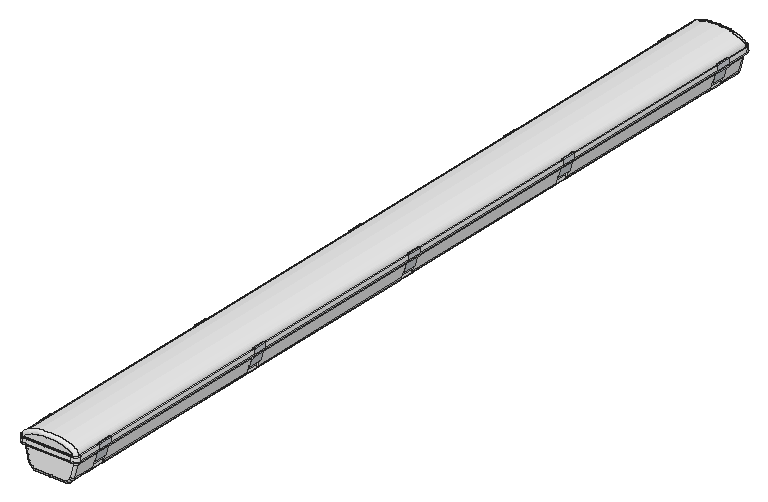
Revit family "0048728 Sylvania Lighting Fixture SYLPRF SUP LED G3 1500MM T 4K D E3", category Lighting Fixtures, host Face, Revit 2016
Family settings
  Host = Face
  Part Type = Normal
  Round Connector Dimension = Use Diameter
  OmniClass Number = 23.80.70.11.14
  OmniClass Title = General Luminaries, Directional
  Cut with Voids When Loaded = No
  Light Source = Yes
  Shared = No
  Room Calculation Point = No
Parameters (values of type "0048728 SYLPRF SUP LED G3 1500MM T 4K D E3")
  Width = 110 mm
  Weight = "kg"
  Wattage Comments = "n/a"
  Wattage = 49 W
  WarrantyStartDate [instance] = "n/a"
  WarrantyGuarantorParts = "n/a"
  WarrantyDurationUnit = "n/a"
  WarrantyDurationParts = "n/a"
  WarrantyDescription = "n/a"
  built-in parameter 1150110 = 1 (stored number, unit not read)
  Voltage = 230 V
  URL = "http://www.sylvania-lighting.com"
  TypeName = "SYLPRF SUP LED G3 1500MM T 4K D E3"
  Type Image = <None>
  Type Comments = "n/a"
  built-in parameter 1114217 = 1 (stored number, unit not read)
  Tilt Angle = -90.00°
  built-in parameter 1150109 = 1 (stored number, unit not read)
  built-in parameter 1150134 = 12
  built-in parameter 1150113 = 1 (stored number, unit not read)
  SerialNumber [instance] = "n/a"
  ReflectorMaterial = none
  PowerFactor = 0
  PowerConsumption = "49 W"
  Photometric Web File = "0048728.ies"
  NominalWidth = 0 mm
  NominalLength = 1578 mm
  NominalHeight = 78 mm
  Name = "SYLPRF SUP LED G3 1500MM T 4K D E3"
  ModelReference = "SYLPRF SUP LED G3 1500MM T 4K D E3"
  ModelNumber = "0048728"
  Model = "SYLPRF SUP LED G3 1500MM T 4K D E3"
  Material = "polycarbonate housing, polycarbonate diffuser"
  ManufacturerName = "Feilo Sylvania"
  Manufacturer = "Feilo Sylvania"
  LuminousEfficacy = "135 lm/W"
  built-in parameter 1150105 = 526.4 (stored number, unit not read)
  Lumens = 6615 lm
  LuminaireType = ""
  built-in parameter 1150115 = 1 (stored number, unit not read)
  LightOutputRatio = "n/a"
  built-in parameter 1150137 = (empty or 0)
  built-in parameter 1150139 = (empty or 0)
  Length = 1572 mm
  LampsType = Lamp  # "LED"
  LampNominalLuminous = "6700 lm"
  LampMacAdamStep = "3"
  LampColourTemperature = "4000 K"
  LampColourRenderingIndex = "80"
  built-in parameter 1150112 = 1 (stored number, unit not read)
  built-in parameter 1150114 = 1 (stored number, unit not read)
  Lamp = "LED"
  Keynote = "16500"
  InstallationDate [instance] = "n/a"
  InputVoltage = "220-240V~"
  InputNominalFrequency = "DC/50/60 Hz"
  built-in parameter 1150132 = (empty or 0)
  built-in parameter 1150102 = (empty or 0)
  built-in parameter 1150107 = 4000 (stored number, unit not read)
  built-in parameter 1150138 = (empty or 0)
  IngressProtection = "IP65"
  ImpactProtectionIndex = "IK08"
  built-in parameter 1150106 = 5.264 (stored number, unit not read)
  IfcExportType = "IfcLightFixtureType"
  IfcExportAs = "IfcLightFixtureType"
  ExpectedLife = 50000
  Emit from Rectangle Width = Width - 20 mm  # 90 mm
  Emit from Rectangle Length = Length - 20 mm  # 1552 mm
  Emit Shape Visible in Rendering = no
  ElectricShockClassification = "Class I"
  built-in parameter 1150104 = 12.542 (stored number, unit not read)
  DurationUnit = "hours"
  DocumentationLiterature = "http://www.sylvania-lighting.com/product/en-int/products/0048728"
  DimmingControlOptions = "Dimmable"
  Dimming Lamp Color Temperature Shift = <None>
  DiffuserMaterial = Diffuser-Sylvania-Transparent
  Description = "Sylproof Superia, integrated LED weatherproof luminaire, with UV stabilized flat diffuser and linear prisms designed to achieve uniform lit appearance, optimise light output and to reduce glare, stainless steel diffuser clips and fixing brackets for surface and wall mounting. L 1578 mm x W 110 mm x H 78 mm size, Polycarbonate housing, Polycarbonate diffuser, DALI dimmable, 3 hour emergency, 4000K, CRI80,  6700 lm, 49 W, 135 lm/W, nominal average life (h):50000, energy class: A++ A+ A Class I,IK08, IP65."
  Default Elevation = 1219.2 mm
  CreatedOn = "3/27/2018"
  CreatedBy = "aron.fodor@feilosylvania.com"
  Cost = 0
  Color Filter = 16777215
  built-in parameter 1114216 [instance] = (empty or 0)
  ClassificationValue = "EF_70_80"
  ClassificationName = "Uniclass2015"
  BodyMaterial = Body-Sylvania-Gray
  BarCode [instance] = "n/a"
  built-in parameter 1114218 = 1 (stored number, unit not read)
  built-in parameter 1150133 = 10 (stored number, unit not read)
  AssetType = "Fixed"
  AssetIdentifier [instance] = "n/a"
  Assembly Code = "D5020200"
  Apparent Load = 49 VA
  AccessoryMaterial = Diffuser-Sylvania-Glow
Types (2, lengths in mm): name | Wattage | PowerConsumption | Photometric Web File | built-in parameter 1150105 | Lumens | LampNominalLuminous | built-in parameter 1150106 | Apparent Load
  0048728 SYLPRF SUP LED G3 1500MM T 4K D E3 | 49 W | "49 W" | "0048728.ies" | 526.4 (stored number, unit not read) | 6615 lm | "6700 lm" | 5.264 (stored number, unit not read) | 49 VA
  0048728 SYLPRF SUP LED G3 1500MM T 4K D E3 Emergency mode | 1.51852 W | "1.51 W" | "0048728EM.ies" | 16.313 (stored number, unit not read) | 205 lm | "205 lm" | 0.16313 (stored number, unit not read) | 1.51852 VA
Reference planes
  plane 1 "Center (Front/Back)": y = 0
  plane 2: z = 0
  plane 3 "Center (Left/Right)": x = 0
  plane 4: z = 54
  plane 5: x = -27.7
  plane 6: x = -34.8
  plane 7: x = -39.6
  plane 8: x = -42.2
  plane 9: z = 3
  plane 10: z = 7.8
  plane 11: z = 12.3
  plane 12: z = 36.6
  plane 13: z = 42.8
  plane 14: x = -51.1
  plane 15: z = 46.2
  plane 16: x = -55
  plane 17: y = 786
  plane 18: y = -786
  plane 19: x = 27.7
  plane 20: x = 34.8
  plane 21: x = 39.6
  plane 22: x = 42.2
  plane 23: x = 51.1
  plane 24: x = 55
  plane 25: y = 778.4
  plane 26: y = -778.4
  plane 27: y = -774.7
  plane 28: y = 774.7
  plane 29: z = 74
  plane 30: x = -51.5
  plane 31: x = 51.5
  plane 32: z = 55.2
  plane 33: y = -782.5
  plane 34: y = 782.5
  plane 35: x = -37.5
  plane 36: x = 37.5
  plane 37: x = -48.7
  plane 38: x = 48.7
  plane 39: x = 18
  plane 40: x = -18
  plane 41: z = 50.2
  plane 42: z = 24.6
  plane 43: y = 720
  plane 44: y = 706
  plane 45: y = 734
  plane 46: y = -720
  plane 47: y = 720
  plane 48: y = 706
  plane 49: y = 734
  plane 50: y = -720
  plane 51: y = -734
  plane 52: y = -706
  plane 53: y = 360
  plane 54: y = 346
  plane 55: y = 374
  plane 56: y = 0
  plane 57: y = -14
  plane 58: y = 14
  plane 59: y = -360
  plane 60: y = -374
  plane 61: y = -346
Forms (mm)
  Sweep 1, solid, material "Body-Sylvania-Gray" <- "BodyMaterial", detail levels medium+fine
    path origin (1223.4, -4572, 54) x (0, -1, 0) y (1, 0, 0)
      loop
        arc (-3796, -1278.4) -> (-3788.929, -1275.471) -> (-3786, -1268.4) r 10
        line (-3786, -1268.4) -> (-3786, -1178.4)
        arc (-3786, -1178.4) -> (-3788.929, -1171.329) -> (-3796, -1168.4) r 10
        line (-3796, -1168.4) -> (-5348, -1168.4)
        arc (-5348, -1168.4) -> (-5355.071, -1171.329) -> (-5358, -1178.4) r 10
        line (-5358, -1178.4) -> (-5358, -1268.4)
        arc (-5358, -1268.4) -> (-5355.071, -1275.471) -> (-5348, -1278.4) r 10
        line (-5348, -1278.4) -> (-3796, -1278.4)
    profile origin (-55, 0, 54) x (-1, 0, 0) y (0, 0, 1)
      loop
        line (0, 0) -> (-1, 0) -> (-1, -7.726)
        arc (-1, -7.726) -> (-1.994, -9.498) -> (-3.9, -10.2) r 2.937
        line (-3.9, -10.2) -> (-8.571, -10.2) -> (-8.571, -11.2) -> (-3.9, -11.2)
        arc (-3.9, -11.2) -> (-1.313, -10.231) -> (0, -7.8) r 3.937
        line (0, -7.8) -> (0, 0)
  Sweep 2, solid, material "Body-Sylvania-Gray" <- "BodyMaterial", detail levels medium+fine
    path origin (0, 0, 0) x (1, 0, 0) y (0, 0, 1)
      loop
        line (48.7, 42.8) -> (48.7, 36.6) -> (42.203, 12.31)
        arc (42.203, 12.31) -> (41.199, 9.884) -> (39.6, 7.8) r 10.052
        line (39.6, 7.8) -> (34.8, 3)
        arc (34.8, 3) -> (31.554, 0.781) -> (27.7, 0) r 9.902
        line (27.7, 0) -> (0, 0) -> (-27.7, 0)
        arc (-27.7, 0) -> (-31.554, 0.781) -> (-34.8, 3) r 9.902
        line (-34.8, 3) -> (-39.6, 7.8)
        arc (-39.6, 7.8) -> (-41.199, 9.884) -> (-42.203, 12.31) r 10.052
        line (-42.203, 12.31) -> (-48.7, 36.6) -> (-48.7, 42.8)
    profile origin (0, 0, 0) x (0, 0, -1) y (0, -1, 0)
      loop
        arc (0, 773.4) -> (-1.464, 776.936) -> (-5, 778.4) r 5
        line (-5, 778.4) -> (-7.8, 778.4) -> (-7.8, -778.4) -> (-5, -778.4)
        arc (-5, -778.4) -> (-1.464, -776.936) -> (0, -773.4) r 5
        line (0, -773.4) -> (0, 773.4)
  Extrusion 3, solid, material "Body-Sylvania-Gray" <- "BodyMaterial", detail levels medium+fine
    sketch origin (1524, 778.4, 1219.2) x (1, 0, 0) y (0, 0, 1)
      loop
        arc (-1558.668, -1204.874) -> (-1558.443, -1205.418) -> (-1558.085, -1205.885) r 2.252
        line (-1558.085, -1205.885) -> (-1553.231, -1210.738)
        arc (-1553.231, -1210.738) -> (-1552.534, -1211.227) -> (-1551.7, -1211.4) r 2.102
        line (-1551.7, -1211.4) -> (-1496.3, -1211.4)
        arc (-1496.3, -1211.4) -> (-1495.466, -1211.227) -> (-1494.769, -1210.738) r 2.102
        line (-1494.769, -1210.738) -> (-1489.915, -1205.885)
        arc (-1489.915, -1205.885) -> (-1489.557, -1205.418) -> (-1489.332, -1204.874) r 2.252
        line (-1489.332, -1204.874) -> (-1483.1, -1181.575) -> (-1483.1, -1176.4) -> (-1564.9, -1176.4) -> (-1564.9, -1181.575) -> (-1558.668, -1204.874)
    from 0 to 1556.8
  Sweep 4, solid, material "Diffuser-Sylvania-Transparent" <- "DiffuserMaterial", detail levels medium+fine
    path origin (0, 0, 0) x (1, 0, 0) y (0, 0, 1)
      loop
        spline (-51.5, 55.2) -> (-49.745, 60.066) -> (-44.6, 64.6) -> (-36.416, 68.494) -> (-25.75, 71.481) -> (-13.329, 73.359) -> (0, 74) -> (13.329, 73.359) -> (25.75, 71.481) -> (36.416, 68.494) -> (44.6, 64.6) -> (49.745, 60.066) -> (51.5, 55.2)
    profile origin (51.5, 0, 55.2) x (0, -1, 0) y (1, 0, 0)
      loop
        arc (782.5, -5.5) -> (780.889, -1.611) -> (777, 0) r 5.5
        line (777, 0) -> (-777, 0)
        arc (-777, 0) -> (-780.889, -1.611) -> (-782.5, -5.5) r 5.5
        line (-782.5, -5.5) -> (-782.5, -6.3) -> (-781.5, -6.3) -> (-781.5, -5.5)
        arc (-781.5, -5.5) -> (-780.182, -2.318) -> (-777, -1) r 4.5
        line (-777, -1) -> (777, -1)
        arc (777, -1) -> (780.182, -2.318) -> (781.5, -5.5) r 4.5
        line (781.5, -5.5) -> (781.5, -6.347) -> (782.5, -6.347) -> (782.5, -5.5)
  Extrusion 5, solid, material "Diffuser-Sylvania-Transparent" <- "DiffuserMaterial", detail levels medium+fine
    sketch origin (1524, -782.5, 1219.2) x (1, 0, 0) y (0, 0, 1)
      loop
        line (-1569.653, -1164) -> (-1478.347, -1164)
        spline (-1478.347, -1164) -> (-1478.969, -1162.594) -> (-1482.527, -1159.545) -> (-1489.588, -1156.201) -> (-1499.458, -1153.445) -> (-1511.242, -1151.663) -> (-1524, -1151.049) -> (-1536.758, -1151.663) -> (-1548.542, -1153.445) -> (-1558.412, -1156.201) -> (-1565.473, -1159.545) -> (-1569.031, -1162.594) -> (-1569.653, -1164)
    from 0 to -1
  Extrusion 6, solid, material "Diffuser-Sylvania-Transparent" <- "DiffuserMaterial", detail levels medium+fine
    sketch origin (1524, 782.5, 1219.2) x (1, 0, 0) y (0, 0, 1)
      loop
        spline (-1478.3, -1164) -> (-1478.931, -1162.565) -> (-1482.502, -1159.505) -> (-1489.572, -1156.155) -> (-1499.446, -1153.394) -> (-1511.236, -1151.614) -> (-1524, -1151.007) -> (-1536.764, -1151.614) -> (-1548.554, -1153.394) -> (-1558.428, -1156.155) -> (-1565.498, -1159.505) -> (-1569.069, -1162.565) -> (-1569.7, -1164)
        line (-1569.7, -1164) -> (-1478.3, -1164)
    from 0 to 1
  Extrusion 7, solid, material "Diffuser-Sylvania-Transparent" <- "DiffuserMaterial", detail levels medium+fine
    sketch origin (1223.4, -4572, 55.2) x (0, -1, 0) y (-1, 0, 0)
      loop
        arc (-5353.5, 1177.4) -> (-5352.182, 1174.218) -> (-5349, 1172.9) r 4.5
        line (-5349, 1172.9) -> (-3795, 1172.9)
        arc (-3795, 1172.9) -> (-3791.818, 1174.218) -> (-3790.5, 1177.4) r 4.5
        line (-3790.5, 1177.4) -> (-3790.5, 1269.4)
        arc (-3790.5, 1269.4) -> (-3791.818, 1272.582) -> (-3795, 1273.9) r 4.5
        line (-3795, 1273.9) -> (-5349, 1273.9)
        arc (-5349, 1273.9) -> (-5352.182, 1272.582) -> (-5353.5, 1269.4) r 4.5
        line (-5353.5, 1269.4) -> (-5353.5, 1177.4)
      loop
        line (-5358, 1268.4) -> (-5358, 1178.4)
        arc (-5358, 1178.4) -> (-5355.071, 1171.329) -> (-5348, 1168.4) r 10
        line (-5348, 1168.4) -> (-3796, 1168.4)
        arc (-3796, 1168.4) -> (-3788.929, 1171.329) -> (-3786, 1178.4) r 10
        line (-3786, 1178.4) -> (-3786, 1268.4)
        arc (-3786, 1268.4) -> (-3788.929, 1275.471) -> (-3796, 1278.4) r 10
        line (-3796, 1278.4) -> (-5348, 1278.4)
        arc (-5348, 1278.4) -> (-5355.071, 1275.471) -> (-5358, 1268.4) r 10
    from 0 to 1.2
  Extrusion 8, solid, material "Diffuser-Sylvania-Glow" <- "AccessoryMaterial", detail levels fine
    sketch origin (0, 0, 0) x (1, 0, 0) y (0, 0, 1)
      loop
        circle (-18, 50.2) r 8
      loop
        circle (18, 50.2) r 8
    from -774.7 to 774.7
  Extrusion 9, void
    sketch origin (0, 720, 2343.807) x (0, 0, -1) y (-1, 0, 0)
      loop
        line (2340.807, -37.5) -> (2331.507, -37.5) -> (2319.207, -42.2) -> (2319.207, -48.7) -> (2340.807, -48.7) -> (2340.807, -37.5)
      loop
        line (2340.807, 37.5) -> (2340.807, 48.7) -> (2319.207, 48.7) -> (2319.207, 42.2) -> (2331.507, 37.5) -> (2340.807, 37.5)
    from -14 to 14
  Extrusion 10, solid, material "Body-Sylvania-Gray" <- "BodyMaterial", detail levels coarse
    sketch origin (0, 0, 0) x (1, 0, 0) y (0, 0, 1)
      loop
        line (55, 42.8) -> (55, 55.2) -> (-55, 55.2) -> (-55, 42.791) -> (-42.2, 0) -> (42.2, 0) -> (55, 42.8)
    from -786 to 786
  Extrusion 11, solid, material "Diffuser-Sylvania-Transparent" <- "DiffuserMaterial", detail levels coarse
    sketch origin (0, 0, 0) x (1, 0, 0) y (0, 0, 1)
      loop
        arc (51.5, 55.2) -> (0, 74) -> (-51.5, 55.2) r 79.939
        line (-51.5, 55.2) -> (51.5, 55.2)
    from 778.4 to -778.4
  Extrusion 12, void, not visible
    sketch origin (0, 720, 2343.807) x (0, 0, -1) y (-1, 0, 0)
      loop
        line (2340.807, -37.5) -> (2331.507, -37.5) -> (2319.207, -42.2) -> (2319.207, -48.7) -> (2340.807, -48.7) -> (2340.807, -37.5)
      loop
        line (2340.807, 37.5) -> (2340.807, 48.7) -> (2319.207, 48.7) -> (2319.207, 42.2) -> (2331.507, 37.5) -> (2340.807, 37.5)
    from -14 to 14
  Extrusion 13, void
    sketch origin (0, -720, 2343.807) x (0, 0, -1) y (-1, 0, 0)
      loop
        line (2340.807, -37.5) -> (2331.507, -37.5) -> (2319.207, -42.2) -> (2319.207, -48.7) -> (2340.807, -48.7) -> (2340.807, -37.5)
      loop
        line (2340.807, 37.5) -> (2340.807, 48.7) -> (2319.207, 48.7) -> (2319.207, 42.2) -> (2331.507, 37.5) -> (2340.807, 37.5)
    from -14 to 14
  Extrusion 14, void
    sketch origin (0, 360, 2343.807) x (0, 0, -1) y (-1, 0, 0)
      loop
        line (2340.807, -37.5) -> (2331.507, -37.5) -> (2319.207, -42.2) -> (2319.207, -48.7) -> (2340.807, -48.7) -> (2340.807, -37.5)
      loop
        line (2340.807, 37.5) -> (2340.807, 48.7) -> (2319.207, 48.7) -> (2319.207, 42.2) -> (2331.507, 37.5) -> (2340.807, 37.5)
    from -14 to 14
  Extrusion 15, void
    sketch origin (0, 0, 2343.807) x (0, 0, -1) y (-1, 0, 0)
      loop
        line (2340.807, -37.5) -> (2331.507, -37.5) -> (2319.207, -42.2) -> (2319.207, -48.7) -> (2340.807, -48.7) -> (2340.807, -37.5)
      loop
        line (2340.807, 37.5) -> (2340.807, 48.7) -> (2319.207, 48.7) -> (2319.207, 42.2) -> (2331.507, 37.5) -> (2340.807, 37.5)
    from -14 to 14
  Extrusion 16, void
    sketch origin (0, -360, 2343.807) x (0, 0, -1) y (-1, 0, 0)
      loop
        line (2340.807, -37.5) -> (2331.507, -37.5) -> (2319.207, -42.2) -> (2319.207, -48.7) -> (2340.807, -48.7) -> (2340.807, -37.5)
      loop
        line (2340.807, 37.5) -> (2340.807, 48.7) -> (2319.207, 48.7) -> (2319.207, 42.2) -> (2331.507, 37.5) -> (2340.807, 37.5)
    from -14 to 14
Cuts and joins
  Extrusion 9, Extrusion 13, Extrusion 14, Extrusion 15, Extrusion 16 cuts Sweep 2
  Extrusion 13, Extrusion 14, Extrusion 15, Extrusion 16 cuts Extrusion 3
  joined: Sweep 2, Extrusion 3
  joined: Sweep 4, Extrusion 5, Extrusion 6
Dimensions and locks
  locked: plane 4 to plane 2 at 54
  plane 5 to plane 6 to plane 7 to plane 8 to plane 14 to plane 16 = 7.1 mm locked, 4.8 mm locked, 2.6 mm locked, 8.9 mm, 3.9 mm
  plane 4 to plane 15 to plane 13 to plane 12 to plane 11 to plane 10 to plane 9 = 7.8 mm locked, 3.4 mm, 6.2 mm locked, 24.3 mm locked, 4.5 mm locked, 4.8 mm locked
  equal spacing: plane 18, plane 1 "Center (Front/Back)", plane 17
  "Length": plane 18 to plane 17
  plane 19 to plane 20 to plane 21 to plane 22 to plane 23 to plane 24 = 7.1 mm locked, 4.8 mm locked, 2.6 mm locked, 8.9 mm, 3.9 mm
  equal spacing: plane 24, plane 3 "Center (Left/Right)", plane 16
  "Width": plane 24 to plane 16
  equal spacing: plane 27, plane 1 "Center (Front/Back)", plane 28
  locked: plane 26 to plane 27 at 3.7
  locked: Sweep 1 sketch curve to profile plane at 1
  locked: Sweep 1 sketch curve to plane 13 at 1
  locked: Sweep 1 sketch curve to plane 13 at 3.937  (x2)
  locked: Sweep 1 sketch curve to profile plane at 3.9  (x2)
  locked: plane 29 to plane 4 at 20
  equal spacing: plane 31, plane 3 "Center (Left/Right)", plane 30
  locked: plane 30 to plane 16 at 3.5
  locked: plane 32 to plane 4 at 1.2
  equal spacing: plane 33, plane 1 "Center (Front/Back)", plane 34
  equal spacing: plane 36, plane 3 "Center (Left/Right)", plane 35
  locked: plane 3 "Center (Left/Right)" to plane 35 at 37.5
  locked: plane 34 to plane 17 at 3.5
  equal spacing: plane 38, plane 3 "Center (Left/Right)", plane 37
  locked: plane 37 to plane 16 at 6.3
  equal spacing: plane 25, plane 1 "Center (Front/Back)", plane 26
  locked: plane 17 to plane 25 at 7.6
  locked: Sweep 2 sketch curve to plane 2 at 5  (x2)
  locked: Sweep 2 sketch curve to plane 26 at 5
  locked: plane 25 to Sweep 2 sketch curve at 5
  locked: Sweep 4 sketch curve to plane 31 at 5.5  (x2)
  locked: Sweep 4 sketch curve to plane 34 at 5.5
  plane 33 to Sweep 4 sketch curve = 5.5 mm
  locked: plane 34 to Sweep 4 sketch curve at 1
  locked: Sweep 4 sketch curve to plane 31 at 1
  locked: Sweep 4 sketch curve to Sweep 4 sketch curve at 1
  locked: Sweep 4 sketch curve to plane 31 at 6.347
  locked: Sweep 4 sketch curve to plane 31 at 6.3
  equal spacing: plane 39, plane 3 "Center (Left/Right)", plane 40
  locked: plane 3 "Center (Left/Right)" to plane 40 at 18
  locked: plane 42 to plane 2 at 24.6
  plane 45 to plane 43 to plane 44 = 14 mm locked, 14 mm locked
  locked: plane 17 to plane 43 at 66
  equal spacing: plane 43, plane 1 "Center (Front/Back)", plane 46
  plane 49 to plane 47 to plane 48 = 14 mm locked, 14 mm locked
  plane 52 to plane 50 to plane 51 = 14 mm locked, 14 mm locked  (x2)
  equal spacing: group 1, group 6, group 7, group 8, group 5  (x2)
  equal spacing: group 5, group 8, group 7, group 6, group 1
  plane 55 to plane 53 to plane 54 = 14 mm locked, 14 mm locked  (x2)
  plane 58 to plane 56 to plane 57 = 14 mm locked, 14 mm locked  (x2)
  plane 61 to plane 59 to plane 60 = 14 mm locked, 14 mm locked  (x2)
  plane 43 to plane 53 to plane 1 "Center (Front/Back)" to plane 59 to plane 50 = 360 mm locked, 360 mm locked, 360 mm locked, 360 mm locked
  aligned and locked: plane 2 to host face
  aligned and locked: level to host face
  aligned and locked: plane 16 to Sweep 1 sketch curve
  aligned and locked: Sweep 1 sketch curve to plane 24
  aligned and locked: plane 18 to Sweep 1 sketch curve
  aligned and locked: Sweep 1 sketch curve to plane 13
  aligned and locked: profile plane to Sweep 1 sketch curve
  aligned and locked: plane 3 "Center (Left/Right)" to Sweep 2 sketch curve
  aligned and locked: plane 9 to Sweep 2 sketch curve
  aligned and locked: plane 10 to Sweep 2 sketch curve
  aligned and locked: plane 37 to Sweep 2 sketch curve
  aligned and locked: plane 12 to Sweep 2 sketch curve
  aligned and locked: Sweep 2 sketch curve to level
  aligned and locked: plane 21 to Sweep 2 sketch curve
  aligned and locked: plane 38 to Sweep 2 sketch curve
  aligned and locked: profile plane to Sweep 2 sketch curve
  aligned and locked: plane 25 to Sweep 2 sketch curve
  aligned and locked: Sweep 2 sketch curve to plane 10
  aligned and locked: Extrusion 3 sketch curve to Sweep 2  (x7)
  aligned and locked: Sweep 2 to Extrusion 3 sketch curve
  aligned and locked: Extrusion 3 to plane 25
  aligned and locked: plane 26 to Extrusion 3
  aligned and locked: plane 32 to Sweep 4 sketch curve
  aligned and locked: plane 33 to Sweep 4 sketch curve
  aligned and locked: Sweep 4 to Extrusion 5
  aligned and locked: plane 33 to Extrusion 5
  aligned and locked: Extrusion 5 sketch curve to Sweep 4
  aligned and locked: cut or joined group of Sweep 4, Extrusion 5, Extrusion 6 to Extrusion 6 sketch curve
  aligned and locked: Extrusion 7 sketch curve to cut or joined group of Sweep 4, Extrusion 5, Extrusion 6  (x2)
  aligned and locked: cut or joined group of Sweep 4, Extrusion 5, Extrusion 6 to Extrusion 7 sketch curve  (x2)
  aligned and locked: plane 41 to Extrusion 8 sketch curve  (x2)
  aligned and locked: plane 39 to Extrusion 8 sketch curve
  aligned and locked: plane 27 to Extrusion 8
  aligned and locked: Extrusion 8 to plane 28
  aligned and locked: Extrusion 9 to plane 42
  aligned and locked: plane 9 to Extrusion 9
  aligned and locked: plane 44 to Extrusion 9
  aligned and locked: Extrusion 9 to plane 45
  aligned and locked: Extrusion 7 sketch curve to Sweep 1  (x4)
  aligned and locked: plane 4 to Extrusion 7
  aligned and locked: Extrusion 7 to plane 32
  aligned and locked: nested 2 to plane 43
  aligned and locked: plane 43 to nested 1
  aligned and locked: Extrusion 10 sketch curve to plane 24
  aligned and locked: Extrusion 10 sketch curve to Extrusion 7
  aligned and locked: plane 8 to Extrusion 10 sketch curve
  aligned and locked: plane 22 to Extrusion 10 sketch curve
  aligned and locked: level to Extrusion 10 sketch curve
  aligned and locked: Extrusion 10 to plane 17
  aligned and locked: plane 18 to Extrusion 10
  aligned and locked: cut or joined group of Sweep 4, Extrusion 5, Extrusion 6 to Extrusion 11 sketch curve
  aligned and locked: Extrusion 11 sketch curve to cut or joined group of Sweep 4, Extrusion 5, Extrusion 6  (x2)
  aligned and locked: plane 31 to Extrusion 11 sketch curve
  aligned and locked: plane 30 to Extrusion 11 sketch curve
  aligned and locked: plane 26 to Extrusion 11
  aligned and locked: Extrusion 11 to plane 25
  aligned and locked: imposter light to plane 29
  aligned and locked: plane 3 "Center (Left/Right)" to imposter light
  aligned and locked: plane 1 "Center (Front/Back)" to imposter light
  aligned and locked: plane 51 to Extrusion 13
  aligned and locked: Extrusion 13 to plane 52
  aligned and locked: plane 54 to Extrusion 14
  aligned and locked: Extrusion 14 to plane 55
  aligned and locked: plane 57 to Extrusion 15
  aligned and locked: Extrusion 15 to plane 58
  aligned and locked: plane 60 to Extrusion 16
  aligned and locked: Extrusion 16 to plane 61
  aligned and locked: nested 3 to plane 53
  aligned and locked: plane 53 to nested 10
  aligned and locked: nested 4 to plane 56
  aligned and locked: plane 56 to nested 9
  aligned and locked: nested 5 to plane 59
  aligned and locked: plane 59 to nested 8
  aligned and locked: nested 6 to plane 50
  aligned and locked: plane 50 to nested 7
Automatic sketch dimensions
  host sketch curve to host sketch curve = 2438.4 mm  (x2)
  plane 17 to Sweep 1 sketch curve = 0 mm
  Sweep 1 sketch curve to plane 28 = 1.3 mm
  Sweep 1 sketch curve to plane 7 = 5.4 mm
  plane 27 to Sweep 1 sketch curve = 1.3 mm  (x2)
  Sweep 1 sketch curve to Sweep 1 sketch curve = 4.671 mm
  Sweep 1 sketch curve to plane 4 = 0 mm
  Sweep 2 sketch curve to plane 7 = 0 mm
  Sweep 2 sketch curve to plane 6 = 0 mm
  Sweep 2 sketch curve to plane 5 = 0 mm
  plane 19 to Sweep 2 sketch curve = 0 mm
  Sweep 2 sketch curve to plane 9 = 0 mm
  plane 20 to Sweep 2 sketch curve = 0 mm
  Sweep 2 sketch curve to plane 12 = 0 mm
  Sweep 2 sketch curve to plane 10 = 0 mm
  Sweep 2 sketch curve to plane 13 = 0 mm  (x2)
  Sweep 2 sketch curve to plane 8 = 0.003 mm
  plane 6 to Sweep 2 sketch curve = 2.308 mm
  plane 20 to Sweep 2 sketch curve = 2.308 mm
  Sweep 2 sketch curve to plane 22 = 0.003 mm
  Sweep 2 sketch curve to plane 11 = 0.01 mm  (x2)
  Extrusion 3 sketch curve to plane 5 = 0 mm
  plane 19 to Extrusion 3 sketch curve = 0 mm
  plane 6 to Extrusion 3 sketch curve = 0.132 mm
  plane 6 to Extrusion 3 sketch curve = 0.715 mm
  Extrusion 3 sketch curve to Extrusion 3 sketch curve = 1.592 mm
  Extrusion 3 sketch curve to plane 10 = 0.662 mm  (x2)
  plane 20 to Extrusion 3 sketch curve = 2.308 mm
  plane 20 to Extrusion 3 sketch curve = 0.715 mm
  plane 20 to Extrusion 3 sketch curve = 0.132 mm
  Sweep 4 sketch curve to plane 30 = 0 mm
  Sweep 4 sketch curve to plane 3 "Center (Left/Right)" = 0 mm
  Sweep 4 sketch curve to Sweep 4 sketch curve = 0 mm  (x2)
  plane 37 to Extrusion 5 sketch curve = 3.047 mm
  Extrusion 5 sketch curve to plane 38 = 3.047 mm
  plane 37 to Extrusion 6 sketch curve = 3 mm
  Extrusion 6 sketch curve to plane 38 = 3 mm
  plane 25 to Extrusion 7 sketch curve = 1.4 mm  (x2)
  Extrusion 7 sketch curve to plane 26 = 1.4 mm  (x2)
  Extrusion 8 sketch curve to plane 40 = 0 mm
  Extrusion 9 sketch curve to Extrusion 9 sketch curve = 0 mm
  Extrusion 9 sketch curve to Extrusion 9 sketch curve = 12.3 mm  (x2)
  Extrusion 9 sketch curve to Extrusion 9 sketch curve = 9.3 mm  (x2)
  Extrusion 9 sketch curve to Extrusion 9 sketch curve = 6.5 mm
  Extrusion 9 sketch curve to Extrusion 9 sketch curve = 4.7 mm  (x2)
  Extrusion 9 sketch curve to Extrusion 9 sketch curve = 75 mm
  Extrusion 9 sketch curve to Extrusion 9 sketch curve = 11.2 mm
  Extrusion 10 sketch curve to plane 13 = 0 mm
  plane 13 to Extrusion 10 sketch curve = 0.009 mm
  Extrusion 11 sketch curve to level = 5.939 mm
  Extrusion 10 sketch curve to plane 16 = 0 mm
  Extrusion 12 sketch curve to Extrusion 12 sketch curve = 0 mm
  Extrusion 12 sketch curve to Extrusion 12 sketch curve = 12.3 mm  (x2)
  Extrusion 12 sketch curve to Extrusion 12 sketch curve = 9.3 mm  (x2)
  Extrusion 12 sketch curve to Extrusion 12 sketch curve = 6.5 mm
  Extrusion 12 sketch curve to Extrusion 12 sketch curve = 4.7 mm  (x2)
  Extrusion 12 sketch curve to Extrusion 12 sketch curve = 75 mm
  Extrusion 12 sketch curve to Extrusion 12 sketch curve = 11.2 mm
  Extrusion 13 sketch curve to Extrusion 13 sketch curve = 0 mm
  Extrusion 13 sketch curve to Extrusion 13 sketch curve = 12.3 mm  (x2)
  Extrusion 13 sketch curve to Extrusion 13 sketch curve = 9.3 mm  (x2)
  Extrusion 13 sketch curve to Extrusion 13 sketch curve = 6.5 mm
  Extrusion 13 sketch curve to Extrusion 13 sketch curve = 4.7 mm  (x2)
  Extrusion 13 sketch curve to Extrusion 13 sketch curve = 75 mm
  Extrusion 13 sketch curve to Extrusion 13 sketch curve = 11.2 mm
  Extrusion 14 sketch curve to Extrusion 14 sketch curve = 0 mm
  Extrusion 14 sketch curve to Extrusion 14 sketch curve = 12.3 mm  (x2)
  Extrusion 14 sketch curve to Extrusion 14 sketch curve = 9.3 mm  (x2)
  Extrusion 14 sketch curve to Extrusion 14 sketch curve = 6.5 mm
  Extrusion 14 sketch curve to Extrusion 14 sketch curve = 4.7 mm  (x2)
  Extrusion 14 sketch curve to Extrusion 14 sketch curve = 75 mm
  Extrusion 14 sketch curve to Extrusion 14 sketch curve = 11.2 mm
  Extrusion 15 sketch curve to Extrusion 15 sketch curve = 0 mm
  Extrusion 15 sketch curve to Extrusion 15 sketch curve = 12.3 mm  (x2)
  Extrusion 15 sketch curve to Extrusion 15 sketch curve = 9.3 mm  (x2)
  Extrusion 15 sketch curve to Extrusion 15 sketch curve = 6.5 mm
  Extrusion 15 sketch curve to Extrusion 15 sketch curve = 4.7 mm  (x2)
  Extrusion 15 sketch curve to Extrusion 15 sketch curve = 75 mm
  Extrusion 15 sketch curve to Extrusion 15 sketch curve = 11.2 mm
  Extrusion 16 sketch curve to Extrusion 16 sketch curve = 0 mm
  Extrusion 16 sketch curve to Extrusion 16 sketch curve = 12.3 mm  (x2)
  Extrusion 16 sketch curve to Extrusion 16 sketch curve = 9.3 mm  (x2)
  Extrusion 16 sketch curve to Extrusion 16 sketch curve = 6.5 mm
  Extrusion 16 sketch curve to Extrusion 16 sketch curve = 4.7 mm  (x2)
  Extrusion 16 sketch curve to Extrusion 16 sketch curve = 75 mm
  Extrusion 16 sketch curve to Extrusion 16 sketch curve = 11.2 mm
  radius of Extrusion 8 sketch curve = 8 mm  (x2)
Nested families
  nested 1: "Clip" at (42.2, 720, 24.6), type "Clip", detail levels fine
  nested 2: "Clip" at (-42.2, 720, 24.6) x (-1, 0, 0) z (0, 0, 1), type "Clip", detail levels fine
  nested 3: "Clip" at (-42.2, 360, 24.6) x (-1, 0, 0) z (0, 0, 1), type "Clip", detail levels fine
  nested 4: "Clip" at (-42.2, 0, 24.6) x (-1, 0, 0) z (0, 0, 1), type "Clip", detail levels fine
  nested 5: "Clip" at (-42.2, -360, 24.6) x (-1, 0, 0) z (0, 0, 1), type "Clip", detail levels fine
  nested 6: "Clip" at (-42.2, -720, 24.6) x (-1, 0, 0) z (0, 0, 1), type "Clip", detail levels fine
  nested 7: "Clip" at (42.2, -720, 24.6), type "Clip", detail levels fine
  nested 8: "Clip" at (42.2, -360, 24.6), type "Clip", detail levels fine
  nested 9: "Clip" at (42.2, 0, 24.6), type "Clip", detail levels fine
  nested 10: "Clip" at (42.2, 360, 24.6), type "Clip", detail levels fine
Connectors
  electrical at (0, 0, 0), driven by "Apparent Load"
    settings: index 1, voltage 230 V, apparent load 49 VA, apparent load phase1 0 VA, apparent load phase2 0 VA, apparent load phase3 0 VA, power factor 0, load classification "Lighting", number of poles 1, system type 30, power factor state 1, is connector primary yes, connector utility no, sub classification motor no, connector description ""
Definition of nested family "Clip"
  Parameters (values of type "Clip")
    URL = "http://www.feilosylvania.com"
    Type Comments = "n/a"
    Model = "n/a"
    Manufacturer = "Feilo Sylvania"
    Keynote = "n/a"
    Description = "n/a"
    Default Elevation = 1219.2 mm
    Cost = 0
    BodyMaterial = none
    Assembly Code = "n/a"
  Reference planes
    plane 1 "Center (Front/Back)": y = 0
    plane 2: z = 0
    plane 3 "Center (Left/Right)": x = 0
    plane 4: x = 3.3
    plane 5: x = 6.5
    plane 6: x = 8.9
    plane 7: x = 12.8
    plane 8: z = 12
    plane 9: z = 18.2
    plane 10: z = 21.6
    plane 11: z = 30.6
    plane 12: x = 9.3
    plane 13: z = 19.2
    plane 14: z = 16.2
    plane 15: x = 10.1
    plane 16: y = 12
    plane 17: y = -12
  Forms (mm)
    Extrusion 1, solid
      sketch origin (-0.8, 0, 0) x (1, 0, 0) y (0, 1, 0)
        loop
          line (-1219.2, 1219.2) -> (-1219.2, -1219.2) -> (1219.2, -1219.2) -> (1219.2, 1219.2) -> (-1219.2, 1219.2)
      from 0 to -304.8
    Extrusion 2, solid
      sketch origin (0, 0, 0) x (1, 0, 0) y (0, 0, 1)
        loop
          line (8.9, 16.2) -> (4.58, 0) -> (0, 0) -> (0, -0.8) -> (5.195, -0.8) -> (9.603, 15.731) -> (13.6, 18.806) -> (13.6, 30.6)
          arc (13.6, 30.6) -> (11.45, 32.75) -> (9.3, 30.6) r 2.15
          line (9.3, 30.6) -> (10.1, 30.6)
          arc (10.1, 30.6) -> (11.45, 31.95) -> (12.8, 30.6) r 1.35
          line (12.8, 30.6) -> (12.8, 19.2) -> (8.9, 16.2)
      from -12 to 12
  Lines and regions (mm)
    reference lines
      curve 1: line (3.3, 0, 0) -> (6.5, 0, 12)
      curve 2: arc (8.9, 0, 18.2) -> (11.488, 0, 19.169) -> (12.8, 0, 21.6) r 3.934
  Dimensions and locks
    plane 7 to plane 6 to plane 5 to plane 4 to plane 3 "Center (Left/Right)" = 3.9 mm locked, 2.4 mm locked, 3.2 mm locked, 3.3 mm locked
    plane 11 to plane 10 to plane 9 to plane 8 to plane 2 = 9 mm locked, 3.4 mm locked, 6.2 mm locked, 12 mm locked
    locked: plane 7 to plane 12 at 3.5
    locked: plane 13 to plane 9 at 1
    locked: plane 9 to plane 14 at 2
    locked: plane 15 to plane 12 at 0.8
    locked: plane 2 to Extrusion 2 sketch curve at 0.8
    locked: Extrusion 2 sketch curve to Extrusion 2 sketch curve at 0.8  (x3)
    locked: plane 7 to Extrusion 2 sketch curve at 1.35
    equal spacing: plane 17, plane 1 "Center (Front/Back)", plane 16
    locked: plane 1 "Center (Front/Back)" to plane 16 at 12
    aligned and locked: plane 2 to Extrusion 1
    aligned and locked: level to Extrusion 1
    aligned and locked: plane 4 to curve 1
    aligned and locked: plane 5 to curve 1
    aligned and locked: plane 6 to curve 2
    aligned and locked: plane 10 to curve 2
    aligned and locked: plane 14 to Extrusion 2 sketch curve
    aligned and locked: plane 13 to Extrusion 2 sketch curve
    aligned and locked: plane 7 to Extrusion 2 sketch curve
    aligned and locked: plane 3 "Center (Left/Right)" to Extrusion 2 sketch curve
    aligned and locked: Extrusion 2 sketch curve to level
    aligned and locked: Extrusion 2 sketch curve to plane 11
    aligned and locked: plane 11 to Extrusion 2 sketch curve
    aligned and locked: Extrusion 2 to plane 16
    aligned and locked: plane 17 to Extrusion 2
  Automatic sketch dimensions
    Extrusion 1 sketch curve to Extrusion 1 sketch curve = 2438.4 mm  (x2)
    curve 2 to plane 7 = 0 mm
    curve 1 to level = 0 mm
    curve 1 to plane 8 = 0 mm
    curve 2 to plane 9 = 0 mm
    plane 6 to curve 2 = 0.002 mm
    Extrusion 2 sketch curve to Extrusion 2 sketch curve = 0 mm
    Extrusion 2 sketch curve to plane 6 = 0 mm
    plane 4 to Extrusion 2 sketch curve = 1.28 mm
